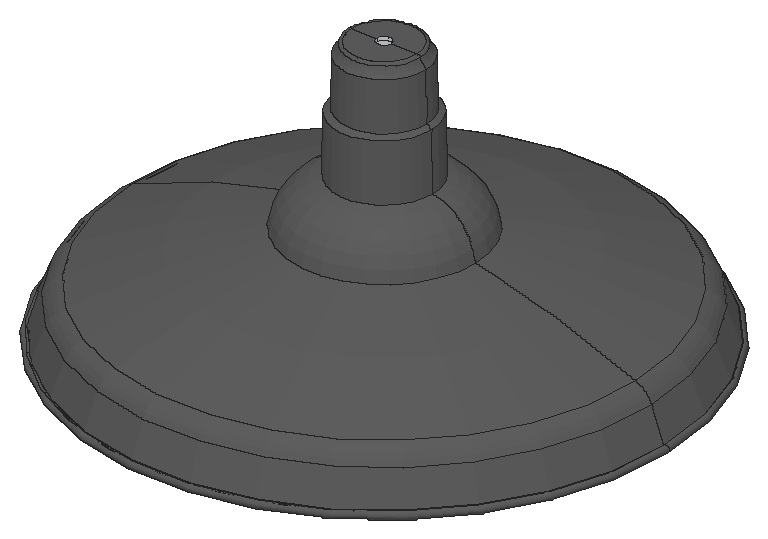
Revit family "S320 SHADE", category Lighting Fixtures, Revit 2024
Family settings
  Round Connector Dimension = Use Diameter
  Part Type = Normal
  OmniClass Number = 23.80.70.00
  OmniClass Title = Lighting
  Work Plane-Based = No
  Always vertical = Yes
  Cut with Voids When Loaded = No
  Light Source = Yes
  Maintain Annotation Orientation = No
  Shared = No
  Room Calculation Point = No
Parameters
  Wattage = 12.1178 W
  built-in parameter 1150110 = 1 (stored number, unit not read)
  built-in parameter 1114217 = 1 (stored number, unit not read)
  built-in parameter 1150109 = 1 (stored number, unit not read)
  built-in parameter 1150134 = (empty or 0)
  built-in parameter 1150113 = 1 (stored number, unit not read)
  Lumens = 1800 lm
  built-in parameter 1150115 = 1 (stored number, unit not read)
  built-in parameter 1150105 = 572.96 (stored number, unit not read)
  Light Source Symbol Size = 2' - 0"
  built-in parameter 1150137 = (empty or 0)
  built-in parameter 1150139 = (empty or 0)
  built-in parameter 1150112 = 1 (stored number, unit not read)
  built-in parameter 1150114 = 1 (stored number, unit not read)
  built-in parameter 1150132 = 2
  built-in parameter 1150102 = (empty or 0)
  built-in parameter 1150138 = (empty or 0)
  built-in parameter 1150107 = 3000 (stored number, unit not read)
  built-in parameter 1150106 = 5.7296 (stored number, unit not read)
  built-in parameter 1150104 = 13.8 (stored number, unit not read)
  Dimming Lamp Color Temperature Shift = (empty or 0)
  Default Elevation = 0' - 0"
  Color Filter = 16777215
  built-in parameter 1114218 = 1 (stored number, unit not read)
  built-in parameter 1150133 = 10 (stored number, unit not read)
Reference planes (in)
  plane 1 "Light Source Axis (F/B)": y = 0
  plane 2: z = 0
  plane 3 "Light Source Axis (L/R)": x = 0
  plane 4 "Light Source Elevation": z = 54
Forms (in)
  Revolve 1, solid
    sketch origin (0, 0, 0) x (1, 0, 0) y (0, 0, 1)
      loop
        arc (-9.875, 54.25) -> (-9.94636, 54.02237) -> (-9.75782, 54.16851) r 0.125
        line (-9.75782, 54.16851) -> (-9.31511, 55.31956)
        arc (-9.31511, 55.31956) -> (-9.10982, 55.62168) -> (-8.80733, 55.82642) r 0.96967
        arc (-8.80733, 55.82642) -> (-6.01532, 56.85136) -> (-3.12951, 57.57103) r 27.69802
        arc (-3.12951, 57.57103) -> (-2.64962, 58.64717) -> (-1.62214, 59.22394) r 1.87343
        line (-1.62214, 59.22394) -> (-1.58686, 61.24513) -> (-1.38659, 61.36075) -> (-1.35686, 63.06388)
        arc (-1.35686, 63.06388) -> (-1.24526, 63.22499) -> (-1.1707, 63.40625) r 0.91086
        line (-1.1707, 63.40625) -> (-0.25, 63.40625) -> (-0.25, 63.5) -> (-1.15486, 63.5)
        arc (-1.15486, 63.5) -> (-1.22215, 63.48084) -> (-1.26317, 63.42416) r 0.10686
        arc (-1.26317, 63.42416) -> (-1.33784, 63.25155) -> (-1.44999, 63.10058) r 0.81711
        line (-1.44999, 63.10058) -> (-1.4794, 61.41542) -> (-1.67967, 61.2998) -> (-1.71458, 59.3)
        arc (-1.71458, 59.3) -> (-2.72095, 58.70807) -> (-3.21458, 57.65) r 1.96718
        arc (-3.21458, 57.65) -> (-6.07562, 56.93089) -> (-8.84432, 55.91256) r 27.79177
        arc (-8.84432, 55.91256) -> (-9.17673, 55.68735) -> (-9.40195, 55.35494) r 1.06342
        line (-9.40195, 55.35494) -> (-9.82692, 54.25) -> (-9.875, 54.25)
      axis (0, 63.5) -> (0, 54.16851)
    angle from 0 to 360
Dimensions and locks (in)
  aligned and locked: plane 3 "Light Source Axis (L/R)" to imposter light
  aligned and locked: plane 1 "Light Source Axis (F/B)" to imposter light
  aligned and locked: plane 4 "Light Source Elevation" to imposter light
  aligned and locked: level to plane 2
